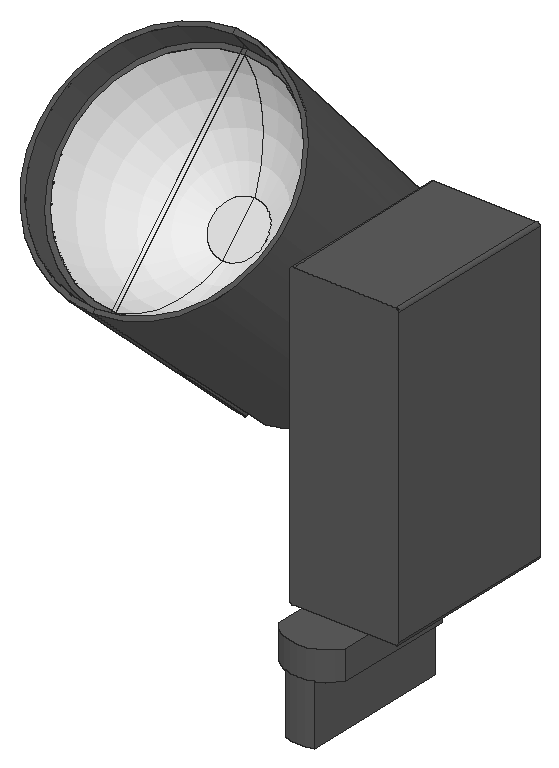
Revit family "0004954 Feilo Sylvania Lighting Fixture START TRACK SPOT L DALI 4824LM 940 WB BLK", category Lighting Fixtures, host Face, Revit 2017 (continued)
Definition of nested family "Start Track Spot Head"
  Types (96, lengths in mm): name | Wattage | built-in parameter 1150134 | Photometric Web File | Model | built-in parameter 1150105 | Lumens | built-in parameter 1150107 | built-in parameter 1150106 | HeadThickness_FEILO | HeadRibOffset_FEILO | HeadRibDepth_FEILO | HeadRibCutWidth_FEILO | HeadRibCutOffset_FEILO | HeadReflectorRadius_FEILO | HeadReflectorOffset_FEILO | HeadLEDRadius_FEILO | HeadHeight_FEILO | HeadDiffusorOffset_FEILO | HeadDiaOut_FEILO | HeadDiaIn_FEILO | HeadAxisFromTop_FEILO | Emit from Circle Diameter | built-in parameter 1150104 | Description | Apparent Load
    0004864 START TRACK SPOT S 24W 3K RA90 WB WHITE | 24 W | (empty or 0) | "0004864.ies" | "START TRACK SPOT S 24W 3K RA90 WB WHITE" | 152.79 (stored number, unit not read) | 1920 lm | 3000 (stored number, unit not read) | 1.5279 (stored number, unit not read) | 1.5 | 4.179 | 55.714 | 7.167 | 50.87 | 50.588 | 55.714 | 9.556 | 117 | 9.435 | 86 | 77.477 | 69.354 | 77.477 | 7.4322 (stored number, unit not read) | "Integrated LED spotlight, Textured White - RAL9016, compact and minimalist design, ideal for retail applications, die-cast aluminium body, passive cooling heatsink. Beam angle: 64°, color temperature: 3000K , total system power: 24W, total fixture output: 1928 lm, LOR: 100%, colour rendering: Ra: 90 typical, LED Chromaticity: 3 step MacAdam ellipse, lifetime: >50000 hours at L70B50, energy class: A++, A+, A, IR/UV free light source without heat radiation, operating voltage: 220-240V / 50-60Hz, drive current: 600mA, electronic driver, non-dimmable, power factor: 0.95, electrical protection: Class II, Global Track 3 Phase adapter suitable for Global trac 3-circuit tracks, ingress protection rating: IP20, suitable for internal environment only, horizontal rotation: 355°, vertical tilt: 90°, dimensions: Ø86x140x200, weight: 0.966kg." | 24 VA
    0004863 START TRACK SPOT S 24W 3K RA90 MB WHITE | 24 W | (empty or 0) | "0004863.ies" | "START TRACK SPOT S 24W 3K RA90 MB WHITE" | 154.7 (stored number, unit not read) | 1944 lm | 3000 (stored number, unit not read) | 1.547 (stored number, unit not read) | 1.5 | 4.179 | 55.714 | 7.167 | 50.87 | 50.588 | 55.714 | 9.556 | 117 | 9.435 | 86 | 77.477 | 69.354 | 77.477 | 7.5251 (stored number, unit not read) | "Integrated LED spotlight, Textured White - RAL9016, compact and minimalist design, ideal for retail applications, die-cast aluminium body, passive cooling heatsink. Beam angle: 36°, color temperature: 3000K , total system power: 24W, total fixture output: 1944 lm, LOR: 100%, colour rendering: Ra: 90 typical, LED Chromaticity: 3 step MacAdam ellipse, lifetime: >50000 hours at L70B50, energy class: A++, A+, A, IR/UV free light source without heat radiation, operating voltage: 220-240V / 50-60Hz, drive current: 600mA, electronic driver, non-dimmable, power factor: 0.95, electrical protection: Class II, Global Track 3 Phase adapter suitable for Global trac 3-circuit tracks, ingress protection rating: IP20, suitable for internal environment only, horizontal rotation: 355°, vertical tilt: 90°, dimensions: Ø86x140x200, weight: 0.966kg." | 24 VA
    0004862 START TRACK SPOT S 24W 3K RA90 NB WHITE | 24 W | (empty or 0) | "0004862.ies" | "START TRACK SPOT S 24W 3K RA90 NB WHITE" | 158.52 (stored number, unit not read) | 1992 lm | 3000 (stored number, unit not read) | 1.5852 (stored number, unit not read) | 1.5 | 4.179 | 55.714 | 7.167 | 50.87 | 50.588 | 55.714 | 9.556 | 117 | 9.435 | 86 | 77.477 | 69.354 | 77.477 | 7.711 (stored number, unit not read) | "Integrated LED spotlight, Textured White - RAL9016, compact and minimalist design, ideal for retail applications, die-cast aluminium body, passive cooling heatsink. Beam angle: 12°, color temperature: 3000K , total system power: 24W, total fixture output: 1987 lm, LOR: 100%, colour rendering: Ra: 90 typical, LED Chromaticity: 3 step MacAdam ellipse, lifetime: >50000 hours at L70B50, energy class: A++, A+, A, IR/UV free light source without heat radiation, operating voltage: 220-240V / 50-60Hz, drive current: 600mA, electronic driver, non-dimmable, power factor: 0.95, electrical protection: Class II, Global Track 3 Phase adapter suitable for Global trac 3-circuit tracks, ingress protection rating: IP20, suitable for internal environment only, horizontal rotation: 355°, vertical tilt: 90°, dimensions: Ø86x140x200, weight: 0.966kg." | 24 VA
    0004861 START TRACK SPOT S 14W 3K RA90 WB WHITE | 14 W | (empty or 0) | "0004861.ies" | "START TRACK SPOT S 14W 3K RA90 WB WHITE" | 100.27 (stored number, unit not read) | 1260 lm | 3000 (stored number, unit not read) | 1.0027 (stored number, unit not read) | 1.5 | 4.179 | 55.714 | 7.167 | 50.87 | 50.588 | 55.714 | 9.556 | 117 | 9.435 | 86 | 77.477 | 69.354 | 77.477 | 8.3613 (stored number, unit not read) | "Integrated LED spotlight, Textured White - RAL9016, compact and minimalist design, ideal for retail applications, die-cast aluminium body, passive cooling heatsink. Beam angle: 64°, color temperature: 3000K , total system power: 14W, total fixture output: 1262 lm, LOR: 100%, colour rendering: Ra: 90 typical, LED Chromaticity: 3 step MacAdam ellipse, lifetime: >50000 hours at L70B50, energy class: A++, A+, A, IR/UV free light source without heat radiation, operating voltage: 220-240V / 50-60Hz, drive current: 350mA, electronic driver, non-dimmable, power factor: 0.92, electrical protection: Class II, Global Track 3 Phase adapter suitable for Global trac 3-circuit tracks, ingress protection rating: IP20, suitable for internal environment only, horizontal rotation: 355°, vertical tilt: 90°, dimensions: Ø86x140x200, weight: 0.940kg." | 14 VA
    0004860 START TRACK SPOT S 14W 3K RA90 MB WHITE | 14 W | (empty or 0) | "0004860.ies" | "START TRACK SPOT S 14W 3K RA90 MB WHITE" | 100.27 (stored number, unit not read) | 1260 lm | 3000 (stored number, unit not read) | 1.0027 (stored number, unit not read) | 1.5 | 4.179 | 55.714 | 7.167 | 50.87 | 50.588 | 55.714 | 9.556 | 117 | 9.435 | 86 | 77.477 | 69.354 | 77.477 | 8.3613 (stored number, unit not read) | "Integrated LED spotlight, Textured White - RAL9016, compact and minimalist design, ideal for retail applications, die-cast aluminium body, passive cooling heatsink. Beam angle: 36°, color temperature: 3000K , total system power: 14W, total fixture output: 1262 lm, LOR: 100%, colour rendering: Ra: 90 typical, LED Chromaticity: 3 step MacAdam ellipse, lifetime: >50000 hours at L70B50, energy class: A++, A+, A, IR/UV free light source without heat radiation, operating voltage: 220-240V / 50-60Hz, drive current: 350mA, electronic driver, non-dimmable, power factor: 0.92, electrical protection: Class II, Global Track 3 Phase adapter suitable for Global trac 3-circuit tracks, ingress protection rating: IP20, suitable for internal environment only, horizontal rotation: 355°, vertical tilt: 90°, dimensions: Ø86x140x200, weight: 0.940kg." | 14 VA
    0004859 START TRACK SPOT S 14W 3K RA90 NB WHITE | 14 W | (empty or 0) | "0004859.ies" | "START TRACK SPOT S 14W 3K RA90 NB WHITE" | 102.5 (stored number, unit not read) | 1288 lm | 3000 (stored number, unit not read) | 1.025 (stored number, unit not read) | 1.5 | 4.179 | 55.714 | 7.167 | 50.87 | 50.588 | 55.714 | 9.556 | 117 | 9.435 | 86 | 77.477 | 69.354 | 77.477 | 8.5471 (stored number, unit not read) | "Integrated LED spotlight, Textured White - RAL9016, compact and minimalist design, ideal for retail applications, die-cast aluminium body, passive cooling heatsink. Beam angle: 12°, color temperature: 3000K , total system power: 14W, total fixture output: 1284 lm, LOR: 100%, colour rendering: Ra: 90 typical, LED Chromaticity: 3 step MacAdam ellipse, lifetime: >50000 hours at L70B50, energy class: A++, A+, A, IR/UV free light source without heat radiation, operating voltage: 220-240V / 50-60Hz, drive current: 350mA, electronic driver, non-dimmable, power factor: 0.92, electrical protection: Class II, Global Track 3 Phase adapter suitable for Global trac 3-circuit tracks, ingress protection rating: IP20, suitable for internal environment only, horizontal rotation: 355°, vertical tilt: 90°, dimensions: Ø86x140x200, weight: 0.940kg." | 14 VA
    0004858 START TRACK SPOT L 55W 4K RA80 WB BLACK | 55 W | 12 | "0004858.ies" | "START TRACK SPOT L 55W 4K RA80 WB BLACK" | 424.55 (stored number, unit not read) | 5335 lm | 4000 (stored number, unit not read) | 4.2455 (stored number, unit not read) | 2 | 4.429 | 59.048 | 9.417 | 53.913 | 66.471 | 59.048 | 12.556 | 124 | 10 | 113 | 101.802 | 73.503 | 101.802 | 9.0116 (stored number, unit not read) | "Integrated LED spotlight, Textured Black - RAL9005, compact and minimalist design, ideal for retail applications, die-cast aluminium body, passive cooling heatsink. Beam angle: 52°, color temperature: 4000K , total system power: 55W, total fixture output: 5320 lm, LOR: 100%, colour rendering: Ra: 80 typical, LED Chromaticity: 3 step MacAdam ellipse, lifetime: >50000 hours at L70B50, energy class: A++, A+, A, IR/UV free light source without heat radiation, operating voltage: 220-240V / 50-60Hz, drive current: 1400mA, electronic driver, non-dimmable, power factor: 0.96, electrical protection: Class II, Global Track 3 Phase adapter suitable for Global trac 3-circuit tracks, ingress protection rating: IP20, suitable for internal environment only, horizontal rotation: 355°, vertical tilt: 90°, dimensions: Ø113x164x240, weight: 1.398kg." | 55 VA
    0004857 START TRACK SPOT L 55W 4K RA80 MB BLACK | 55 W | 12 | "0004857.ies" | "START TRACK SPOT L 55W 4K RA80 MB BLACK" | 428.92 (stored number, unit not read) | 5390 lm | 4000 (stored number, unit not read) | 4.2892 (stored number, unit not read) | 2 | 4.429 | 59.048 | 9.417 | 53.913 | 66.471 | 59.048 | 12.556 | 124 | 10 | 113 | 101.802 | 73.503 | 101.802 | 9.1045 (stored number, unit not read) | "Integrated LED spotlight, Textured Black - RAL9005, compact and minimalist design, ideal for retail applications, die-cast aluminium body, passive cooling heatsink. Beam angle: 38°, color temperature: 4000K , total system power: 55W, total fixture output: 5378 lm, LOR: 100%, colour rendering: Ra: 80 typical, LED Chromaticity: 3 step MacAdam ellipse, lifetime: >50000 hours at L70B50, energy class: A++, A+, A, IR/UV free light source without heat radiation, operating voltage: 220-240V / 50-60Hz, drive current: 1400mA, electronic driver, non-dimmable, power factor: 0.96, electrical protection: Class II, Global Track 3 Phase adapter suitable for Global trac 3-circuit tracks, ingress protection rating: IP20, suitable for internal environment only, horizontal rotation: 355°, vertical tilt: 90°, dimensions: Ø113x164x240, weight: 1.398kg." | 55 VA
    0004856 START TRACK SPOT L 55W 4K RA80 NB BLACK | 55 W | 12 | "0004856.ies" | "START TRACK SPOT L 55W 4K RA80 NB BLACK" | 433.3 (stored number, unit not read) | 5445 lm | 4000 (stored number, unit not read) | 4.333 (stored number, unit not read) | 2 | 4.429 | 59.048 | 9.417 | 53.913 | 66.471 | 59.048 | 12.556 | 124 | 10 | 113 | 101.802 | 73.503 | 101.802 | 9.1974 (stored number, unit not read) | "Integrated LED spotlight, Textured Black - RAL9005, compact and minimalist design, ideal for retail applications, die-cast aluminium body, passive cooling heatsink. Beam angle: 15°, color temperature: 4000K , total system power: 55W, total fixture output: 5426 lm, LOR: 100%, colour rendering: Ra: 80 typical, LED Chromaticity: 3 step MacAdam ellipse, lifetime: >50000 hours at L70B50, energy class: A++, A+, A, IR/UV free light source without heat radiation, operating voltage: 220-240V / 50-60Hz, drive current: 1400mA, electronic driver, non-dimmable, power factor: 0.96, electrical protection: Class II, Global Track 3 Phase adapter suitable for Global trac 3-circuit tracks, ingress protection rating: IP20, suitable for internal environment only, horizontal rotation: 355°, vertical tilt: 90°, dimensions: Ø113x164x240, weight: 1.398kg." | 55 VA
    0004855 START TRACK SPOT L 35W 4K RA80 WB BLACK | 35 W | 12 | "0004855.ies" | "START TRACK SPOT L 35W 4K RA80 WB BLACK" | 320.3 (stored number, unit not read) | 4025 lm | 4000 (stored number, unit not read) | 3.203 (stored number, unit not read) | 2 | 4.429 | 59.048 | 9.417 | 53.913 | 66.471 | 59.048 | 12.556 | 124 | 10 | 113 | 101.802 | 73.503 | 101.802 | 10.684 (stored number, unit not read) | "Integrated LED spotlight, Textured Black - RAL9005, compact and minimalist design, ideal for retail applications, die-cast aluminium body, passive cooling heatsink. Beam angle: 52°, color temperature: 4000K , total system power: 35W, total fixture output: 4010 lm, LOR: 100%, colour rendering: Ra: 80 typical, LED Chromaticity: 3 step MacAdam ellipse, lifetime: >50000 hours at L70B50, energy class: A++, A+, A, IR/UV free light source without heat radiation, operating voltage: 220-240V / 50-60Hz, drive current: 900mA, electronic driver, non-dimmable, power factor: 0.93, electrical protection: Class II, Global Track 3 Phase adapter suitable for Global trac 3-circuit tracks, ingress protection rating: IP20, suitable for internal environment only, horizontal rotation: 355°, vertical tilt: 90°, dimensions: Ø113x164x240, weight: 1.368kg." | 35 VA
    0004854 START TRACK SPOT L 35W 4K RA80 MB BLACK | 35 W | 12 | "0004854.ies" | "START TRACK SPOT L 35W 4K RA80 MB BLACK" | 320.3 (stored number, unit not read) | 4025 lm | 4000 (stored number, unit not read) | 3.203 (stored number, unit not read) | 2 | 4.429 | 59.048 | 9.417 | 53.913 | 66.471 | 59.048 | 12.556 | 124 | 10 | 113 | 101.802 | 73.503 | 101.802 | 10.684 (stored number, unit not read) | "Integrated LED spotlight, Textured Black - RAL9005, compact and minimalist design, ideal for retail applications, die-cast aluminium body, passive cooling heatsink. Beam angle: 38°, color temperature: 4000K , total system power: 35W, total fixture output: 4017 lm, LOR: 100%, colour rendering: Ra: 80 typical, LED Chromaticity: 3 step MacAdam ellipse, lifetime: >50000 hours at L70B50, energy class: A++, A+, A, IR/UV free light source without heat radiation, operating voltage: 220-240V / 50-60Hz, drive current: 900mA, electronic driver, non-dimmable, power factor: 0.93, electrical protection: Class II, Global Track 3 Phase adapter suitable for Global trac 3-circuit tracks, ingress protection rating: IP20, suitable for internal environment only, horizontal rotation: 355°, vertical tilt: 90°, dimensions: Ø113x164x240, weight: 1.368kg." | 35 VA
    0004853 START TRACK SPOT L 35W 4K RA80 NB BLACK | 35 W | 12 | "0004853.ies" | "START TRACK SPOT L 35W 4K RA80 NB BLACK" | 331.44 (stored number, unit not read) | 4165 lm | 4000 (stored number, unit not read) | 3.3144 (stored number, unit not read) | 2 | 4.429 | 59.048 | 9.417 | 53.913 | 66.471 | 59.048 | 12.556 | 124 | 10 | 113 | 101.802 | 73.503 | 101.802 | 11.055 (stored number, unit not read) | "Integrated LED spotlight, Textured Black - RAL9005, compact and minimalist design, ideal for retail applications, die-cast aluminium body, passive cooling heatsink. Beam angle: 15°, color temperature: 4000K , total system power: 35W, total fixture output: 4174 lm, LOR: 100%, colour rendering: Ra: 80 typical, LED Chromaticity: 3 step MacAdam ellipse, lifetime: >50000 hours at L70B50, energy class: A++, A+, A, IR/UV free light source without heat radiation, operating voltage: 220-240V / 50-60Hz, drive current: 900mA, electronic driver, non-dimmable, power factor: 0.93, electrical protection: Class II, Global Track 3 Phase adapter suitable for Global trac 3-circuit tracks, ingress protection rating: IP20, suitable for internal environment only, horizontal rotation: 355°, vertical tilt: 90°, dimensions: Ø113x164x240, weight: 1.368kg." | 35 VA
    0004852 START TRACK SPOT S 24W 4K RA80 WB BLACK | 24 W | 12 | "0004852.ies" | "START TRACK SPOT S 24W 4K RA80 WB BLACK" | 196.72 (stored number, unit not read) | 2472 lm | 4000 (stored number, unit not read) | 1.9672 (stored number, unit not read) | 1.5 | 4.179 | 55.714 | 7.167 | 50.87 | 50.588 | 55.714 | 9.556 | 117 | 9.435 | 86 | 77.477 | 69.354 | 77.477 | 9.569 (stored number, unit not read) | "Integrated LED spotlight, Textured Black - RAL9005, compact and minimalist design, ideal for retail applications, die-cast aluminium body, passive cooling heatsink. Beam angle: 64°, color temperature: 4000K , total system power: 24W, total fixture output: 2476 lm, LOR: 100%, colour rendering: Ra: 80 typical, LED Chromaticity: 3 step MacAdam ellipse, lifetime: >50000 hours at L70B50, energy class: A++, A+, A, IR/UV free light source without heat radiation, operating voltage: 220-240V / 50-60Hz, drive current: 600mA, electronic driver, non-dimmable, power factor: 0.95, electrical protection: Class II, Global Track 3 Phase adapter suitable for Global trac 3-circuit tracks, ingress protection rating: IP20, suitable for internal environment only, horizontal rotation: 355°, vertical tilt: 90°, dimensions: Ø86x140x200, weight: 0.966kg." | 24 VA
    0004851 START TRACK SPOT S 24W 4K RA80 MB BLACK | 24 W | 12 | "0004851.ies" | "START TRACK SPOT S 24W 4K RA80 MB BLACK" | 198.63 (stored number, unit not read) | 2496 lm | 4000 (stored number, unit not read) | 1.9863 (stored number, unit not read) | 1.5 | 4.179 | 55.714 | 7.167 | 50.87 | 50.588 | 55.714 | 9.556 | 117 | 9.435 | 86 | 77.477 | 69.354 | 77.477 | 9.6619 (stored number, unit not read) | "Integrated LED spotlight, Textured Black - RAL9005, compact and minimalist design, ideal for retail applications, die-cast aluminium body, passive cooling heatsink. Beam angle: 36°, color temperature: 4000K , total system power: 24W, total fixture output: 2487 lm, LOR: 100%, colour rendering: Ra: 80 typical, LED Chromaticity: 3 step MacAdam ellipse, lifetime: >50000 hours at L70B50, energy class: A++, A+, A, IR/UV free light source without heat radiation, operating voltage: 220-240V / 50-60Hz, drive current: 600mA, electronic driver, non-dimmable, power factor: 0.95, electrical protection: Class II, Global Track 3 Phase adapter suitable for Global trac 3-circuit tracks, ingress protection rating: IP20, suitable for internal environment only, horizontal rotation: 355°, vertical tilt: 90°, dimensions: Ø86x140x200, weight: 0.966kg." | 24 VA
    0004850 START TRACK SPOT S 24W 4K RA80 NB BLACK | 24 W | 12 | "0004850.ies" | "START TRACK SPOT S 24W 4K RA80 NB BLACK" | 200.54 (stored number, unit not read) | 2520 lm | 4000 (stored number, unit not read) | 2.0054 (stored number, unit not read) | 1.5 | 4.179 | 55.714 | 7.167 | 50.87 | 50.588 | 55.714 | 9.556 | 117 | 9.435 | 86 | 77.477 | 69.354 | 77.477 | 9.7548 (stored number, unit not read) | "Integrated LED spotlight, Textured Black - RAL9005, compact and minimalist design, ideal for retail applications, die-cast aluminium body, passive cooling heatsink. Beam angle: 12°, color temperature: 4000K , total system power: 24W, total fixture output: 2529 lm, LOR: 100%, colour rendering: Ra: 80 typical, LED Chromaticity: 3 step MacAdam ellipse, lifetime: >50000 hours at L70B50, energy class: A++, A+, A, IR/UV free light source without heat radiation, operating voltage: 220-240V / 50-60Hz, drive current: 600mA, electronic driver, non-dimmable, power factor: 0.95, electrical protection: Class II, Global Track 3 Phase adapter suitable for Global trac 3-circuit tracks, ingress protection rating: IP20, suitable for internal environment only, horizontal rotation: 355°, vertical tilt: 90°, dimensions: Ø86x140x200, weight: 0.966kg." | 24 VA
    0004849 START TRACK SPOT S 14W 4K RA80 WB BLACK | 14 W | 12 | "0004849.ies" | "START TRACK SPOT S 14W 4K RA80 WB BLACK" | 123.66 (stored number, unit not read) | 1554 lm | 4000 (stored number, unit not read) | 1.2366 (stored number, unit not read) | 1.5 | 4.179 | 55.714 | 7.167 | 50.87 | 50.588 | 55.714 | 9.556 | 117 | 9.435 | 86 | 77.477 | 69.354 | 77.477 | 10.312 (stored number, unit not read) | "Integrated LED spotlight, Textured Black - RAL9005, compact and minimalist design, ideal for retail applications, die-cast aluminium body, passive cooling heatsink. Beam angle: 64°, color temperature: 4000K , total system power: 14W, total fixture output: 1558 lm, LOR: 100%, colour rendering: Ra: 80 typical, LED Chromaticity: 3 step MacAdam ellipse, lifetime: >50000 hours at L70B50, energy class: A++, A+, A, IR/UV free light source without heat radiation, operating voltage: 220-240V / 50-60Hz, drive current: 350mA, electronic driver, non-dimmable, power factor: 0.92, electrical protection: Class II, Global Track 3 Phase adapter suitable for Global trac 3-circuit tracks, ingress protection rating: IP20, suitable for internal environment only, horizontal rotation: 355°, vertical tilt: 90°, dimensions: Ø86x140x200, weight: 0.940kg." | 14 VA
    0004848 START TRACK SPOT S 14W 4K RA80 MB BLACK | 14 W | 12 | "0004848.ies" | "START TRACK SPOT S 14W 4K RA80 MB BLACK" | 127.01 (stored number, unit not read) | 1596 lm | 4000 (stored number, unit not read) | 1.2701 (stored number, unit not read) | 1.5 | 4.179 | 55.714 | 7.167 | 50.87 | 50.588 | 55.714 | 9.556 | 117 | 9.435 | 86 | 77.477 | 69.354 | 77.477 | 10.591 (stored number, unit not read) | "Integrated LED spotlight, Textured Black - RAL9005, compact and minimalist design, ideal for retail applications, die-cast aluminium body, passive cooling heatsink. Beam angle: 36°, color temperature: 4000K , total system power: 14W, total fixture output: 1598 lm, LOR: 100%, colour rendering: Ra: 80 typical, LED Chromaticity: 3 step MacAdam ellipse, lifetime: >50000 hours at L70B50, energy class: A++, A+, A, IR/UV free light source without heat radiation, operating voltage: 220-240V / 50-60Hz, drive current: 350mA, electronic driver, non-dimmable, power factor: 0.92, electrical protection: Class II, Global Track 3 Phase adapter suitable for Global trac 3-circuit tracks, ingress protection rating: IP20, suitable for internal environment only, horizontal rotation: 355°, vertical tilt: 90°, dimensions: Ø86x140x200, weight: 0.940kg." | 14 VA
    0004847 START TRACK SPOT S 14W 4K RA80 NB BLACK | 14 W | 12 | "0004847.ies" | "START TRACK SPOT S 14W 4K RA80 NB BLACK" | 128.12 (stored number, unit not read) | 1610 lm | 4000 (stored number, unit not read) | 1.2812 (stored number, unit not read) | 1.5 | 4.179 | 55.714 | 7.167 | 50.87 | 50.588 | 55.714 | 9.556 | 117 | 9.435 | 86 | 77.477 | 69.354 | 77.477 | 10.684 (stored number, unit not read) | "Integrated LED spotlight, Textured Black - RAL9005, compact and minimalist design, ideal for retail applications, die-cast aluminium body, passive cooling heatsink. Beam angle: 12°, color temperature: 4000K , total system power: 14W, total fixture output: 1608 lm, LOR: 100%, colour rendering: Ra: 80 typical, LED Chromaticity: 3 step MacAdam ellipse, lifetime: >50000 hours at L70B50, energy class: A++, A+, A, IR/UV free light source without heat radiation, operating voltage: 220-240V / 50-60Hz, drive current: 350mA, electronic driver, non-dimmable, power factor: 0.92, electrical protection: Class II, Global Track 3 Phase adapter suitable for Global trac 3-circuit tracks, ingress protection rating: IP20, suitable for internal environment only, horizontal rotation: 355°, vertical tilt: 90°, dimensions: Ø86x140x200, weight: 0.940kg." | 14 VA
    0004846 START TRACK SPOT L 55W 3K RA80 WB BLACK | 55 W | (empty or 0) | "0004846.ies" | "START TRACK SPOT L 55W 3K RA80 WB BLACK" | 420.17 (stored number, unit not read) | 5280 lm | 3000 (stored number, unit not read) | 4.2017 (stored number, unit not read) | 2 | 4.429 | 59.048 | 9.417 | 53.913 | 66.471 | 59.048 | 12.556 | 124 | 10 | 113 | 101.802 | 73.503 | 101.802 | 8.9187 (stored number, unit not read) | "Integrated LED spotlight, Textured Black - RAL9005, compact and minimalist design, ideal for retail applications, die-cast aluminium body, passive cooling heatsink. Beam angle: 52°, color temperature: 3000K , total system power: 55W, total fixture output: 5298 lm, LOR: 100%, colour rendering: Ra: 80 typical, LED Chromaticity: 3 step MacAdam ellipse, lifetime: >50000 hours at L70B50, energy class: A++, A+, A, IR/UV free light source without heat radiation, operating voltage: 220-240V / 50-60Hz, drive current: 1400mA, electronic driver, non-dimmable, power factor: 0.96, electrical protection: Class II, Global Track 3 Phase adapter suitable for Global trac 3-circuit tracks, ingress protection rating: IP20, suitable for internal environment only, horizontal rotation: 355°, vertical tilt: 90°, dimensions: Ø113x164x240, weight: 1.398kg." | 55 VA
    0004845 START TRACK SPOT L 55W 3K RA80 MB BLACK | 55 W | (empty or 0) | "0004845.ies" | "START TRACK SPOT L 55W 3K RA80 MB BLACK" | 428.92 (stored number, unit not read) | 5390 lm | 3000 (stored number, unit not read) | 4.2892 (stored number, unit not read) | 2 | 4.429 | 59.048 | 9.417 | 53.913 | 66.471 | 59.048 | 12.556 | 124 | 10 | 113 | 101.802 | 73.503 | 101.802 | 9.1045 (stored number, unit not read) | "Integrated LED spotlight, Textured Black - RAL9005, compact and minimalist design, ideal for retail applications, die-cast aluminium body, passive cooling heatsink. Beam angle: 38°, color temperature: 3000K , total system power: 55W, total fixture output: 5381 lm, LOR: 100%, colour rendering: Ra: 80 typical, LED Chromaticity: 3 step MacAdam ellipse, lifetime: >50000 hours at L70B50, energy class: A++, A+, A, IR/UV free light source without heat radiation, operating voltage: 220-240V / 50-60Hz, drive current: 1400mA, electronic driver, non-dimmable, power factor: 0.96, electrical protection: Class II, Global Track 3 Phase adapter suitable for Global trac 3-circuit tracks, ingress protection rating: IP20, suitable for internal environment only, horizontal rotation: 355°, vertical tilt: 90°, dimensions: Ø113x164x240, weight: 1.398kg." | 55 VA
    0004844 START TRACK SPOT L 55W 3K RA80 NB BLACK | 55 W | (empty or 0) | "0004844.ies" | "START TRACK SPOT L 55W 3K RA80 NB BLACK" | 433.3 (stored number, unit not read) | 5445 lm | 3000 (stored number, unit not read) | 4.333 (stored number, unit not read) | 2 | 4.429 | 59.048 | 9.417 | 53.913 | 66.471 | 59.048 | 12.556 | 124 | 10 | 113 | 101.802 | 73.503 | 101.802 | 9.1974 (stored number, unit not read) | "Integrated LED spotlight, Textured Black - RAL9005, compact and minimalist design, ideal for retail applications, die-cast aluminium body, passive cooling heatsink. Beam angle: 15°, color temperature: 3000K , total system power: 55W, total fixture output: 5449 lm, LOR: 100%, colour rendering: Ra: 80 typical, LED Chromaticity: 3 step MacAdam ellipse, lifetime: >50000 hours at L70B50, energy class: A++, A+, A, IR/UV free light source without heat radiation, operating voltage: 220-240V / 50-60Hz, drive current: 1400mA, electronic driver, non-dimmable, power factor: 0.96, electrical protection: Class II, Global Track 3 Phase adapter suitable for Global trac 3-circuit tracks, ingress protection rating: IP20, suitable for internal environment only, horizontal rotation: 355°, vertical tilt: 90°, dimensions: Ø113x164x240, weight: 1.398kg." | 55 VA
    0004843 START TRACK SPOT L 35W 3K RA80 WB BLACK | 35 W | (empty or 0) | "0004843.ies" | "START TRACK SPOT L 35W 3K RA80 WB BLACK" | 314.73 (stored number, unit not read) | 3955 lm | 3000 (stored number, unit not read) | 3.1473 (stored number, unit not read) | 2 | 4.429 | 59.048 | 9.417 | 53.913 | 66.471 | 59.048 | 12.556 | 124 | 10 | 113 | 101.802 | 73.503 | 101.802 | 10.498 (stored number, unit not read) | "Integrated LED spotlight, Textured Black - RAL9005, compact and minimalist design, ideal for retail applications, die-cast aluminium body, passive cooling heatsink. Beam angle: 52°, color temperature: 3000K , total system power: 35W, total fixture output: 3943 lm, LOR: 100%, colour rendering: Ra: 80 typical, LED Chromaticity: 3 step MacAdam ellipse, lifetime: >50000 hours at L70B50, energy class: A++, A+, A, IR/UV free light source without heat radiation, operating voltage: 220-240V / 50-60Hz, drive current: 900mA, electronic driver, non-dimmable, power factor: 0.93, electrical protection: Class II, Global Track 3 Phase adapter suitable for Global trac 3-circuit tracks, ingress protection rating: IP20, suitable for internal environment only, horizontal rotation: 355°, vertical tilt: 90°, dimensions: Ø113x164x240, weight: 1.368kg." | 35 VA
    0004842 START TRACK SPOT L 35W 3K RA80 MB BLACK | 35 W | (empty or 0) | "0004842.ies" | "START TRACK SPOT L 35W 3K RA80 MB BLACK" | 320.3 (stored number, unit not read) | 4025 lm | 3000 (stored number, unit not read) | 3.203 (stored number, unit not read) | 2 | 4.429 | 59.048 | 9.417 | 53.913 | 66.471 | 59.048 | 12.556 | 124 | 10 | 113 | 101.802 | 73.503 | 101.802 | 10.684 (stored number, unit not read) | "Integrated LED spotlight, Textured Black - RAL9005, compact and minimalist design, ideal for retail applications, die-cast aluminium body, passive cooling heatsink. Beam angle: 38°, color temperature: 3000K , total system power: 35W, total fixture output: 4008 lm, LOR: 100%, colour rendering: Ra: 80 typical, LED Chromaticity: 3 step MacAdam ellipse, lifetime: >50000 hours at L70B50, energy class: A++, A+, A, IR/UV free light source without heat radiation, operating voltage: 220-240V / 50-60Hz, drive current: 900mA, electronic driver, non-dimmable, power factor: 0.93, electrical protection: Class II, Global Track 3 Phase adapter suitable for Global trac 3-circuit tracks, ingress protection rating: IP20, suitable for internal environment only, horizontal rotation: 355°, vertical tilt: 90°, dimensions: Ø113x164x240, weight: 1.368kg." | 35 VA
    0004841 START TRACK SPOT L 35W 3K RA80 NB BLACK | 35 W | (empty or 0) | "0004841.ies" | "START TRACK SPOT L 35W 3K RA80 NB BLACK" | 317.51 (stored number, unit not read) | 3990 lm | 3000 (stored number, unit not read) | 3.1751 (stored number, unit not read) | 2 | 4.429 | 59.048 | 9.417 | 53.913 | 66.471 | 59.048 | 12.556 | 124 | 10 | 113 | 101.802 | 73.503 | 101.802 | 10.591 (stored number, unit not read) | "Integrated LED spotlight, Textured Black - RAL9005, compact and minimalist design, ideal for retail applications, die-cast aluminium body, passive cooling heatsink. Beam angle: 15°, color temperature: 3000K , total system power: 35W, total fixture output: 4005 lm, LOR: 100%, colour rendering: Ra: 80 typical, LED Chromaticity: 3 step MacAdam ellipse, lifetime: >50000 hours at L70B50, energy class: A++, A+, A, IR/UV free light source without heat radiation, operating voltage: 220-240V / 50-60Hz, drive current: 900mA, electronic driver, non-dimmable, power factor: 0.93, electrical protection: Class II, Global Track 3 Phase adapter suitable for Global trac 3-circuit tracks, ingress protection rating: IP20, suitable for internal environment only, horizontal rotation: 355°, vertical tilt: 90°, dimensions: Ø113x164x240, weight: 1.368kg." | 35 VA
    0004840 START TRACK SPOT S 24W 3K RA80 WB BLACK | 24 W | (empty or 0) | "0004840.ies" | "START TRACK SPOT S 24W 3K RA80 WB BLACK" | 185.26 (stored number, unit not read) | 2328 lm | 3000 (stored number, unit not read) | 1.8526 (stored number, unit not read) | 1.5 | 4.179 | 55.714 | 7.167 | 50.87 | 50.588 | 55.714 | 9.556 | 117 | 9.435 | 86 | 77.477 | 69.354 | 77.477 | 9.0116 (stored number, unit not read) | "Integrated LED spotlight, Textured Black - RAL9005, compact and minimalist design, ideal for retail applications, die-cast aluminium body, passive cooling heatsink. Beam angle: 64°, color temperature: 3000K , total system power: 24W, total fixture output: 2318 lm, LOR: 100%, colour rendering: Ra: 80 typical, LED Chromaticity: 3 step MacAdam ellipse, lifetime: >50000 hours at L70B50, energy class: A++, A+, A, IR/UV free light source without heat radiation, operating voltage: 220-240V / 50-60Hz, drive current: 600mA, electronic driver, non-dimmable, power factor: 0.95, electrical protection: Class II, Global Track 3 Phase adapter suitable for Global trac 3-circuit tracks, ingress protection rating: IP20, suitable for internal environment only, horizontal rotation: 355°, vertical tilt: 90°, dimensions: Ø86x140x200, weight: 0.966kg." | 24 VA
    0004839 START TRACK SPOT S 24W 3K RA80 MB BLACK | 24 W | (empty or 0) | "0004839.ies" | "START TRACK SPOT S 24W 3K RA80 MB BLACK" | 183.35 (stored number, unit not read) | 2304 lm | 3000 (stored number, unit not read) | 1.8335 (stored number, unit not read) | 1.5 | 4.179 | 55.714 | 7.167 | 50.87 | 50.588 | 55.714 | 9.556 | 117 | 9.435 | 86 | 77.477 | 69.354 | 77.477 | 8.9187 (stored number, unit not read) | "Integrated LED spotlight, Textured Black - RAL9005, compact and minimalist design, ideal for retail applications, die-cast aluminium body, passive cooling heatsink. Beam angle: 36°, color temperature: 3000K , total system power: 24W, total fixture output: 2314 lm, LOR: 100%, colour rendering: Ra: 80 typical, LED Chromaticity: 3 step MacAdam ellipse, lifetime: >50000 hours at L70B50, energy class: A++, A+, A, IR/UV free light source without heat radiation, operating voltage: 220-240V / 50-60Hz, drive current: 600mA, electronic driver, non-dimmable, power factor: 0.95, electrical protection: Class II, Global Track 3 Phase adapter suitable for Global trac 3-circuit tracks, ingress protection rating: IP20, suitable for internal environment only, horizontal rotation: 355°, vertical tilt: 90°, dimensions: Ø86x140x200, weight: 0.966kg." | 24 VA
    0004838 START TRACK SPOT S 24W 3K RA80 NB BLACK | 24 W | (empty or 0) | "0004838.ies" | "START TRACK SPOT S 24W 3K RA80 NB BLACK" | 185.26 (stored number, unit not read) | 2328 lm | 3000 (stored number, unit not read) | 1.8526 (stored number, unit not read) | 1.5 | 4.179 | 55.714 | 7.167 | 50.87 | 50.588 | 55.714 | 9.556 | 117 | 9.435 | 86 | 77.477 | 69.354 | 77.477 | 9.0116 (stored number, unit not read) | "Integrated LED spotlight, Textured Black - RAL9005, compact and minimalist design, ideal for retail applications, die-cast aluminium body, passive cooling heatsink. Beam angle: 12°, color temperature: 3000K , total system power: 24W, total fixture output: 2334 lm, LOR: 100%, colour rendering: Ra: 80 typical, LED Chromaticity: 3 step MacAdam ellipse, lifetime: >50000 hours at L70B50, energy class: A++, A+, A, IR/UV free light source without heat radiation, operating voltage: 220-240V / 50-60Hz, drive current: 600mA, electronic driver, non-dimmable, power factor: 0.95, electrical protection: Class II, Global Track 3 Phase adapter suitable for Global trac 3-circuit tracks, ingress protection rating: IP20, suitable for internal environment only, horizontal rotation: 355°, vertical tilt: 90°, dimensions: Ø86x140x200, weight: 0.966kg." | 24 VA
    0004837 START TRACK SPOT S 14W 3K RA80 WB BLACK | 14 W | (empty or 0) | "0004837.ies" | "START TRACK SPOT S 14W 3K RA80 WB BLACK" | 119.21 (stored number, unit not read) | 1498 lm | 3000 (stored number, unit not read) | 1.1921 (stored number, unit not read) | 1.5 | 4.179 | 55.714 | 7.167 | 50.87 | 50.588 | 55.714 | 9.556 | 117 | 9.435 | 86 | 77.477 | 69.354 | 77.477 | 9.9406 (stored number, unit not read) | "Integrated LED spotlight, Textured Black - RAL9005, compact and minimalist design, ideal for retail applications, die-cast aluminium body, passive cooling heatsink. Beam angle: 64°, color temperature: 3000K , total system power: 14W, total fixture output: 1498 lm, LOR: 100%, colour rendering: Ra: 80 typical, LED Chromaticity: 3 step MacAdam ellipse, lifetime: >50000 hours at L70B50, energy class: A++, A+, A, IR/UV free light source without heat radiation, operating voltage: 220-240V / 50-60Hz, drive current: 350mA, electronic driver, non-dimmable, power factor: 0.92, electrical protection: Class II, Global Track 3 Phase adapter suitable for Global trac 3-circuit tracks, ingress protection rating: IP20, suitable for internal environment only, horizontal rotation: 355°, vertical tilt: 90°, dimensions: Ø86x140x200, weight: 0.940kg." | 14 VA
    0004836 START TRACK SPOT S 14W 3K RA80 MB BLACK | 14 W | (empty or 0) | "0004836.ies" | "START TRACK SPOT S 14W 3K RA80 MB BLACK" | 120.32 (stored number, unit not read) | 1512 lm | 3000 (stored number, unit not read) | 1.2032 (stored number, unit not read) | 1.5 | 4.179 | 55.714 | 7.167 | 50.87 | 50.588 | 55.714 | 9.556 | 117 | 9.435 | 86 | 77.477 | 69.354 | 77.477 | 10.034 (stored number, unit not read) | "Integrated LED spotlight, Textured Black - RAL9005, compact and minimalist design, ideal for retail applications, die-cast aluminium body, passive cooling heatsink. Beam angle: 36°, color temperature: 3000K , total system power: 14W, total fixture output: 1508 lm, LOR: 100%, colour rendering: Ra: 80 typical, LED Chromaticity: 3 step MacAdam ellipse, lifetime: >50000 hours at L70B50, energy class: A++, A+, A, IR/UV free light source without heat radiation, operating voltage: 220-240V / 50-60Hz, drive current: 350mA, electronic driver, non-dimmable, power factor: 0.92, electrical protection: Class II, Global Track 3 Phase adapter suitable for Global trac 3-circuit tracks, ingress protection rating: IP20, suitable for internal environment only, horizontal rotation: 355°, vertical tilt: 90°, dimensions: Ø86x140x200, weight: 0.940kg." | 14 VA
    0004835 START TRACK SPOT S 14W 3K RA80 NB BLACK | 14 W | (empty or 0) | "0004835.ies" | "START TRACK SPOT S 14W 3K RA80 NB BLACK" | 123.66 (stored number, unit not read) | 1554 lm | 3000 (stored number, unit not read) | 1.2366 (stored number, unit not read) | 1.5 | 4.179 | 55.714 | 7.167 | 50.87 | 50.588 | 55.714 | 9.556 | 117 | 9.435 | 86 | 77.477 | 69.354 | 77.477 | 10.312 (stored number, unit not read) | "Integrated LED spotlight, Textured Black - RAL9005, compact and minimalist design, ideal for retail applications, die-cast aluminium body, passive cooling heatsink. Beam angle: 12°, color temperature: 3000K , total system power: 14W, total fixture output: 1551 lm, LOR: 100%, colour rendering: Ra: 80 typical, LED Chromaticity: 3 step MacAdam ellipse, lifetime: >50000 hours at L70B50, energy class: A++, A+, A, IR/UV free light source without heat radiation, operating voltage: 220-240V / 50-60Hz, drive current: 350mA, electronic driver, non-dimmable, power factor: 0.92, electrical protection: Class II, Global Track 3 Phase adapter suitable for Global trac 3-circuit tracks, ingress protection rating: IP20, suitable for internal environment only, horizontal rotation: 355°, vertical tilt: 90°, dimensions: Ø86x140x200, weight: 0.940kg." | 14 VA
    0004834 START TRACK SPOT L 55W 4K RA80 WB WHITE | 55 W | 12 | "0004834.ies" | "START TRACK SPOT L 55W 4K RA80 WB WHITE" | 424.55 (stored number, unit not read) | 5335 lm | 4000 (stored number, unit not read) | 4.2455 (stored number, unit not read) | 2 | 4.429 | 59.048 | 9.417 | 53.913 | 66.471 | 59.048 | 12.556 | 124 | 10 | 113 | 101.802 | 73.503 | 101.802 | 9.0116 (stored number, unit not read) | "Integrated LED spotlight, Textured White - RAL9016, compact and minimalist design, ideal for retail applications, die-cast aluminium body, passive cooling heatsink. Beam angle: 52°, color temperature: 4000K , total system power: 55W, total fixture output: 5320 lm, LOR: 100%, colour rendering: Ra: 80 typical, LED Chromaticity: 3 step MacAdam ellipse, lifetime: >50000 hours at L70B50, energy class: A++, A+, A, IR/UV free light source without heat radiation, operating voltage: 220-240V / 50-60Hz, drive current: 1400mA, electronic driver, non-dimmable, power factor: 0.96, electrical protection: Class II, Global Track 3 Phase adapter suitable for Global trac 3-circuit tracks, ingress protection rating: IP20, suitable for internal environment only, horizontal rotation: 355°, vertical tilt: 90°, dimensions: Ø113x164x240, weight: 1.398kg." | 55 VA
    0004833 START TRACK SPOT L 55W 4K RA80 MB WHITE | 55 W | 12 | "0004833.ies" | "START TRACK SPOT L 55W 4K RA80 MB WHITE" | 428.92 (stored number, unit not read) | 5390 lm | 4000 (stored number, unit not read) | 4.2892 (stored number, unit not read) | 2 | 4.429 | 59.048 | 9.417 | 53.913 | 66.471 | 59.048 | 12.556 | 124 | 10 | 113 | 101.802 | 73.503 | 101.802 | 9.1045 (stored number, unit not read) | "Integrated LED spotlight, Textured White - RAL9016, compact and minimalist design, ideal for retail applications, die-cast aluminium body, passive cooling heatsink. Beam angle: 38°, color temperature: 4000K , total system power: 55W, total fixture output: 5378 lm, LOR: 100%, colour rendering: Ra: 80 typical, LED Chromaticity: 3 step MacAdam ellipse, lifetime: >50000 hours at L70B50, energy class: A++, A+, A, IR/UV free light source without heat radiation, operating voltage: 220-240V / 50-60Hz, drive current: 1400mA, electronic driver, non-dimmable, power factor: 0.96, electrical protection: Class II, Global Track 3 Phase adapter suitable for Global trac 3-circuit tracks, ingress protection rating: IP20, suitable for internal environment only, horizontal rotation: 355°, vertical tilt: 90°, dimensions: Ø113x164x240, weight: 1.398kg." | 55 VA
    0004832 START TRACK SPOT L 55W 4K RA80 NB WHITE | 55 W | 12 | "0004832.ies" | "START TRACK SPOT L 55W 4K RA80 NB WHITE" | 433.3 (stored number, unit not read) | 5445 lm | 4000 (stored number, unit not read) | 4.333 (stored number, unit not read) | 2 | 4.429 | 59.048 | 9.417 | 53.913 | 66.471 | 59.048 | 12.556 | 124 | 10 | 113 | 101.802 | 73.503 | 101.802 | 9.1974 (stored number, unit not read) | "Integrated LED spotlight, Textured White - RAL9016, compact and minimalist design, ideal for retail applications, die-cast aluminium body, passive cooling heatsink. Beam angle: 15°, color temperature: 4000K , total system power: 55W, total fixture output: 5426 lm, LOR: 100%, colour rendering: Ra: 80 typical, LED Chromaticity: 3 step MacAdam ellipse, lifetime: >50000 hours at L70B50, energy class: A++, A+, A, IR/UV free light source without heat radiation, operating voltage: 220-240V / 50-60Hz, drive current: 1400mA, electronic driver, non-dimmable, power factor: 0.96, electrical protection: Class II, Global Track 3 Phase adapter suitable for Global trac 3-circuit tracks, ingress protection rating: IP20, suitable for internal environment only, horizontal rotation: 355°, vertical tilt: 90°, dimensions: Ø113x164x240, weight: 1.398kg." | 55 VA
    0004831 START TRACK SPOT L 35W 4K RA80 WB WHITE | 35 W | 12 | "0004831.ies" | "START TRACK SPOT L 35W 4K RA80 WB WHITE" | 320.3 (stored number, unit not read) | 4025 lm | 4000 (stored number, unit not read) | 3.203 (stored number, unit not read) | 2 | 4.429 | 59.048 | 9.417 | 53.913 | 66.471 | 59.048 | 12.556 | 124 | 10 | 113 | 101.802 | 73.503 | 101.802 | 10.684 (stored number, unit not read) | "Integrated LED spotlight, Textured White - RAL9016, compact and minimalist design, ideal for retail applications, die-cast aluminium body, passive cooling heatsink. Beam angle: 52°, color temperature: 4000K , total system power: 35W, total fixture output: 4010 lm, LOR: 100%, colour rendering: Ra: 80 typical, LED Chromaticity: 3 step MacAdam ellipse, lifetime: >50000 hours at L70B50, energy class: A++, A+, A, IR/UV free light source without heat radiation, operating voltage: 220-240V / 50-60Hz, drive current: 900mA, electronic driver, non-dimmable, power factor: 0.93, electrical protection: Class II, Global Track 3 Phase adapter suitable for Global trac 3-circuit tracks, ingress protection rating: IP20, suitable for internal environment only, horizontal rotation: 355°, vertical tilt: 90°, dimensions: Ø113x164x240, weight: 1.368kg." | 35 VA
    0004830 START TRACK SPOT L 35W 4K RA80 MB WHITE | 35 W | 12 | "0004830.ies" | "START TRACK SPOT L 35W 4K RA80 MB WHITE" | 320.3 (stored number, unit not read) | 4025 lm | 4000 (stored number, unit not read) | 3.203 (stored number, unit not read) | 2 | 4.429 | 59.048 | 9.417 | 53.913 | 66.471 | 59.048 | 12.556 | 124 | 10 | 113 | 101.802 | 73.503 | 101.802 | 10.684 (stored number, unit not read) | "Integrated LED spotlight, Textured White - RAL9016, compact and minimalist design, ideal for retail applications, die-cast aluminium body, passive cooling heatsink. Beam angle: 38°, color temperature: 4000K , total system power: 35W, total fixture output: 4017 lm, LOR: 100%, colour rendering: Ra: 80 typical, LED Chromaticity: 3 step MacAdam ellipse, lifetime: >50000 hours at L70B50, energy class: A++, A+, A, IR/UV free light source without heat radiation, operating voltage: 220-240V / 50-60Hz, drive current: 900mA, electronic driver, non-dimmable, power factor: 0.93, electrical protection: Class II, Global Track 3 Phase adapter suitable for Global trac 3-circuit tracks, ingress protection rating: IP20, suitable for internal environment only, horizontal rotation: 355°, vertical tilt: 90°, dimensions: Ø113x164x240, weight: 1.368kg." | 35 VA
    0004829 START TRACK SPOT L 35W 4K RA80 NB WHITE | 35 W | 12 | "0004829.ies" | "START TRACK SPOT L 35W 4K RA80 NB WHITE" | 331.44 (stored number, unit not read) | 4165 lm | 4000 (stored number, unit not read) | 3.3144 (stored number, unit not read) | 2 | 4.429 | 59.048 | 9.417 | 53.913 | 66.471 | 59.048 | 12.556 | 124 | 10 | 113 | 101.802 | 73.503 | 101.802 | 11.055 (stored number, unit not read) | "Integrated LED spotlight, Textured White - RAL9016, compact and minimalist design, ideal for retail applications, die-cast aluminium body, passive cooling heatsink. Beam angle: 15°, color temperature: 4000K , total system power: 35W, total fixture output: 4174 lm, LOR: 100%, colour rendering: Ra: 80 typical, LED Chromaticity: 3 step MacAdam ellipse, lifetime: >50000 hours at L70B50, energy class: A++, A+, A, IR/UV free light source without heat radiation, operating voltage: 220-240V / 50-60Hz, drive current: 900mA, electronic driver, non-dimmable, power factor: 0.93, electrical protection: Class II, Global Track 3 Phase adapter suitable for Global trac 3-circuit tracks, ingress protection rating: IP20, suitable for internal environment only, horizontal rotation: 355°, vertical tilt: 90°, dimensions: Ø113x164x240, weight: 1.368kg." | 35 VA
    0004828 START TRACK SPOT S 24W 4K RA80 WB WHITE | 24 W | 12 | "0004828.ies" | "START TRACK SPOT S 24W 4K RA80 WB WHITE" | 196.72 (stored number, unit not read) | 2472 lm | 4000 (stored number, unit not read) | 1.9672 (stored number, unit not read) | 1.5 | 4.179 | 55.714 | 7.167 | 50.87 | 50.588 | 55.714 | 9.556 | 117 | 9.435 | 86 | 77.477 | 69.354 | 77.477 | 9.569 (stored number, unit not read) | "Integrated LED spotlight, Textured White - RAL9016, compact and minimalist design, ideal for retail applications, die-cast aluminium body, passive cooling heatsink. Beam angle: 64°, color temperature: 4000K , total system power: 24W, total fixture output: 2476 lm, LOR: 100%, colour rendering: Ra: 80 typical, LED Chromaticity: 3 step MacAdam ellipse, lifetime: >50000 hours at L70B50, energy class: A++, A+, A, IR/UV free light source without heat radiation, operating voltage: 220-240V / 50-60Hz, drive current: 600mA, electronic driver, non-dimmable, power factor: 0.95, electrical protection: Class II, Global Track 3 Phase adapter suitable for Global trac 3-circuit tracks, ingress protection rating: IP20, suitable for internal environment only, horizontal rotation: 355°, vertical tilt: 90°, dimensions: Ø86x140x200, weight: 0.966kg." | 24 VA
    0004827 START TRACK SPOT S 24W 4K RA80 MB WHITE | 24 W | 12 | "0004827.ies" | "START TRACK SPOT S 24W 4K RA80 MB WHITE" | 198.63 (stored number, unit not read) | 2496 lm | 4000 (stored number, unit not read) | 1.9863 (stored number, unit not read) | 1.5 | 4.179 | 55.714 | 7.167 | 50.87 | 50.588 | 55.714 | 9.556 | 117 | 9.435 | 86 | 77.477 | 69.354 | 77.477 | 9.6619 (stored number, unit not read) | "Integrated LED spotlight, Textured White - RAL9016, compact and minimalist design, ideal for retail applications, die-cast aluminium body, passive cooling heatsink. Beam angle: 36°, color temperature: 4000K , total system power: 24W, total fixture output: 2487 lm, LOR: 100%, colour rendering: Ra: 80 typical, LED Chromaticity: 3 step MacAdam ellipse, lifetime: >50000 hours at L70B50, energy class: A++, A+, A, IR/UV free light source without heat radiation, operating voltage: 220-240V / 50-60Hz, drive current: 600mA, electronic driver, non-dimmable, power factor: 0.95, electrical protection: Class II, Global Track 3 Phase adapter suitable for Global trac 3-circuit tracks, ingress protection rating: IP20, suitable for internal environment only, horizontal rotation: 355°, vertical tilt: 90°, dimensions: Ø86x140x200, weight: 0.966kg." | 24 VA
    0004826 START TRACK SPOT S 24W 4K RA80 NB WHITE | 24 W | 12 | "0004826.ies" | "START TRACK SPOT S 24W 4K RA80 NB WHITE" | 200.54 (stored number, unit not read) | 2520 lm | 4000 (stored number, unit not read) | 2.0054 (stored number, unit not read) | 1.5 | 4.179 | 55.714 | 7.167 | 50.87 | 50.588 | 55.714 | 9.556 | 117 | 9.435 | 86 | 77.477 | 69.354 | 77.477 | 9.7548 (stored number, unit not read) | "Integrated LED spotlight, Textured White - RAL9016, compact and minimalist design, ideal for retail applications, die-cast aluminium body, passive cooling heatsink. Beam angle: 12°, color temperature: 4000K , total system power: 24W, total fixture output: 2529 lm, LOR: 100%, colour rendering: Ra: 80 typical, LED Chromaticity: 3 step MacAdam ellipse, lifetime: >50000 hours at L70B50, energy class: A++, A+, A, IR/UV free light source without heat radiation, operating voltage: 220-240V / 50-60Hz, drive current: 600mA, electronic driver, non-dimmable, power factor: 0.95, electrical protection: Class II, Global Track 3 Phase adapter suitable for Global trac 3-circuit tracks, ingress protection rating: IP20, suitable for internal environment only, horizontal rotation: 355°, vertical tilt: 90°, dimensions: Ø86x140x200, weight: 0.966kg." | 24 VA
    0004825 START TRACK SPOT S 14W 4K RA80 WB WHITE | 14 W | 12 | "0004825.ies" | "START TRACK SPOT S 14W 4K RA80 WB WHITE" | 123.66 (stored number, unit not read) | 1554 lm | 4000 (stored number, unit not read) | 1.2366 (stored number, unit not read) | 1.5 | 4.179 | 55.714 | 7.167 | 50.87 | 50.588 | 55.714 | 9.556 | 117 | 9.435 | 86 | 77.477 | 69.354 | 77.477 | 10.312 (stored number, unit not read) | "Integrated LED spotlight, Textured White - RAL9016, compact and minimalist design, ideal for retail applications, die-cast aluminium body, passive cooling heatsink. Beam angle: 64°, color temperature: 4000K , total system power: 14W, total fixture output: 1558 lm, LOR: 100%, colour rendering: Ra: 80 typical, LED Chromaticity: 3 step MacAdam ellipse, lifetime: >50000 hours at L70B50, energy class: A++, A+, A, IR/UV free light source without heat radiation, operating voltage: 220-240V / 50-60Hz, drive current: 350mA, electronic driver, non-dimmable, power factor: 0.92, electrical protection: Class II, Global Track 3 Phase adapter suitable for Global trac 3-circuit tracks, ingress protection rating: IP20, suitable for internal environment only, horizontal rotation: 355°, vertical tilt: 90°, dimensions: Ø86x140x200, weight: 0.940kg." | 14 VA
    0004824 START TRACK SPOT S 14W 4K RA80 MB WHITE | 14 W | 12 | "0004824.ies" | "START TRACK SPOT S 14W 4K RA80 MB WHITE" | 127.01 (stored number, unit not read) | 1596 lm | 4000 (stored number, unit not read) | 1.2701 (stored number, unit not read) | 1.5 | 4.179 | 55.714 | 7.167 | 50.87 | 50.588 | 55.714 | 9.556 | 117 | 9.435 | 86 | 77.477 | 69.354 | 77.477 | 10.591 (stored number, unit not read) | "Integrated LED spotlight, Textured White - RAL9016, compact and minimalist design, ideal for retail applications, die-cast aluminium body, passive cooling heatsink. Beam angle: 36°, color temperature: 4000K , total system power: 14W, total fixture output: 1598 lm, LOR: 100%, colour rendering: Ra: 80 typical, LED Chromaticity: 3 step MacAdam ellipse, lifetime: >50000 hours at L70B50, energy class: A++, A+, A, IR/UV free light source without heat radiation, operating voltage: 220-240V / 50-60Hz, drive current: 350mA, electronic driver, non-dimmable, power factor: 0.92, electrical protection: Class II, Global Track 3 Phase adapter suitable for Global trac 3-circuit tracks, ingress protection rating: IP20, suitable for internal environment only, horizontal rotation: 355°, vertical tilt: 90°, dimensions: Ø86x140x200, weight: 0.940kg." | 14 VA
    0004823 START TRACK SPOT S 14W 4K RA80 NB WHITE | 14 W | 12 | "0004823.ies" | "START TRACK SPOT S 14W 4K RA80 NB WHITE" | 128.12 (stored number, unit not read) | 1610 lm | 4000 (stored number, unit not read) | 1.2812 (stored number, unit not read) | 1.5 | 4.179 | 55.714 | 7.167 | 50.87 | 50.588 | 55.714 | 9.556 | 117 | 9.435 | 86 | 77.477 | 69.354 | 77.477 | 10.684 (stored number, unit not read) | "Integrated LED spotlight, Textured White - RAL9016, compact and minimalist design, ideal for retail applications, die-cast aluminium body, passive cooling heatsink. Beam angle: 12°, color temperature: 4000K , total system power: 14W, total fixture output: 1608 lm, LOR: 100%, colour rendering: Ra: 80 typical, LED Chromaticity: 3 step MacAdam ellipse, lifetime: >50000 hours at L70B50, energy class: A++, A+, A, IR/UV free light source without heat radiation, operating voltage: 220-240V / 50-60Hz, drive current: 350mA, electronic driver, non-dimmable, power factor: 0.92, electrical protection: Class II, Global Track 3 Phase adapter suitable for Global trac 3-circuit tracks, ingress protection rating: IP20, suitable for internal environment only, horizontal rotation: 355°, vertical tilt: 90°, dimensions: Ø86x140x200, weight: 0.940kg." | 14 VA
    0004822 START TRACK SPOT L 55W 3K RA80 WB WHITE | 55 W | (empty or 0) | "0004822.ies" | "START TRACK SPOT L 55W 3K RA80 WB WHITE" | 420.17 (stored number, unit not read) | 5280 lm | 3000 (stored number, unit not read) | 4.2017 (stored number, unit not read) | 2 | 4.429 | 59.048 | 9.417 | 53.913 | 66.471 | 59.048 | 12.556 | 124 | 10 | 113 | 101.802 | 73.503 | 101.802 | 8.9187 (stored number, unit not read) | "Integrated LED spotlight, Textured White - RAL9016, compact and minimalist design, ideal for retail applications, die-cast aluminium body, passive cooling heatsink. Beam angle: 52°, color temperature: 3000K , total system power: 55W, total fixture output: 5298 lm, LOR: 100%, colour rendering: Ra: 80 typical, LED Chromaticity: 3 step MacAdam ellipse, lifetime: >50000 hours at L70B50, energy class: A++, A+, A, IR/UV free light source without heat radiation, operating voltage: 220-240V / 50-60Hz, drive current: 1400mA, electronic driver, non-dimmable, power factor: 0.96, electrical protection: Class II, Global Track 3 Phase adapter suitable for Global trac 3-circuit tracks, ingress protection rating: IP20, suitable for internal environment only, horizontal rotation: 355°, vertical tilt: 90°, dimensions: Ø113x164x240, weight: 1.398kg." | 55 VA
    0004821 START TRACK SPOT L 55W 3K RA80 MB WHITE | 55 W | (empty or 0) | "0004821.ies" | "START TRACK SPOT L 55W 3K RA80 MB WHITE" | 428.92 (stored number, unit not read) | 5390 lm | 3000 (stored number, unit not read) | 4.2892 (stored number, unit not read) | 2 | 4.429 | 59.048 | 9.417 | 53.913 | 66.471 | 59.048 | 12.556 | 124 | 10 | 113 | 101.802 | 73.503 | 101.802 | 9.1045 (stored number, unit not read) | "Integrated LED spotlight, Textured White - RAL9016, compact and minimalist design, ideal for retail applications, die-cast aluminium body, passive cooling heatsink. Beam angle: 38°, color temperature: 3000K , total system power: 55W, total fixture output: 5381 lm, LOR: 100%, colour rendering: Ra: 80 typical, LED Chromaticity: 3 step MacAdam ellipse, lifetime: >50000 hours at L70B50, energy class: A++, A+, A, IR/UV free light source without heat radiation, operating voltage: 220-240V / 50-60Hz, drive current: 1400mA, electronic driver, non-dimmable, power factor: 0.96, electrical protection: Class II, Global Track 3 Phase adapter suitable for Global trac 3-circuit tracks, ingress protection rating: IP20, suitable for internal environment only, horizontal rotation: 355°, vertical tilt: 90°, dimensions: Ø113x164x240, weight: 1.398kg." | 55 VA
    0004820 START TRACK SPOT L 55W 3K RA80 NB WHITE | 55 W | (empty or 0) | "0004820.ies" | "START TRACK SPOT L 55W 3K RA80 NB WHITE" | 433.3 (stored number, unit not read) | 5445 lm | 3000 (stored number, unit not read) | 4.333 (stored number, unit not read) | 2 | 4.429 | 59.048 | 9.417 | 53.913 | 66.471 | 59.048 | 12.556 | 124 | 10 | 113 | 101.802 | 73.503 | 101.802 | 9.1974 (stored number, unit not read) | "Integrated LED spotlight, Textured White - RAL9016, compact and minimalist design, ideal for retail applications, die-cast aluminium body, passive cooling heatsink. Beam angle: 15°, color temperature: 3000K , total system power: 55W, total fixture output: 5449 lm, LOR: 100%, colour rendering: Ra: 80 typical, LED Chromaticity: 3 step MacAdam ellipse, lifetime: >50000 hours at L70B50, energy class: A++, A+, A, IR/UV free light source without heat radiation, operating voltage: 220-240V / 50-60Hz, drive current: 1400mA, electronic driver, non-dimmable, power factor: 0.96, electrical protection: Class II, Global Track 3 Phase adapter suitable for Global trac 3-circuit tracks, ingress protection rating: IP20, suitable for internal environment only, horizontal rotation: 355°, vertical tilt: 90°, dimensions: Ø113x164x240, weight: 1.398kg." | 55 VA
    0004819 START TRACK SPOT L 35W 3K RA80 WB WHITE | 35 W | (empty or 0) | "0004819.ies" | "START TRACK SPOT L 35W 3K RA80 WB WHITE" | 314.73 (stored number, unit not read) | 3955 lm | 3000 (stored number, unit not read) | 3.1473 (stored number, unit not read) | 2 | 4.429 | 59.048 | 9.417 | 53.913 | 66.471 | 59.048 | 12.556 | 124 | 10 | 113 | 101.802 | 73.503 | 101.802 | 10.498 (stored number, unit not read) | "Integrated LED spotlight, Textured White - RAL9016, compact and minimalist design, ideal for retail applications, die-cast aluminium body, passive cooling heatsink. Beam angle: 52°, color temperature: 3000K , total system power: 35W, total fixture output: 3943 lm, LOR: 100%, colour rendering: Ra: 80 typical, LED Chromaticity: 3 step MacAdam ellipse, lifetime: >50000 hours at L70B50, energy class: A++, A+, A, IR/UV free light source without heat radiation, operating voltage: 220-240V / 50-60Hz, drive current: 900mA, electronic driver, non-dimmable, power factor: 0.93, electrical protection: Class II, Global Track 3 Phase adapter suitable for Global trac 3-circuit tracks, ingress protection rating: IP20, suitable for internal environment only, horizontal rotation: 355°, vertical tilt: 90°, dimensions: Ø113x164x240, weight: 1.368kg." | 35 VA
    0004818 START TRACK SPOT L 35W 3K RA80 MB WHITE | 35 W | (empty or 0) | "0004818.ies" | "START TRACK SPOT L 35W 3K RA80 MB WHITE" | 320.3 (stored number, unit not read) | 4025 lm | 3000 (stored number, unit not read) | 3.203 (stored number, unit not read) | 2 | 4.429 | 59.048 | 9.417 | 53.913 | 66.471 | 59.048 | 12.556 | 124 | 10 | 113 | 101.802 | 73.503 | 101.802 | 10.684 (stored number, unit not read) | "Integrated LED spotlight, Textured White - RAL9016, compact and minimalist design, ideal for retail applications, die-cast aluminium body, passive cooling heatsink. Beam angle: 38°, color temperature: 3000K , total system power: 35W, total fixture output: 4008 lm, LOR: 100%, colour rendering: Ra: 80 typical, LED Chromaticity: 3 step MacAdam ellipse, lifetime: >50000 hours at L70B50, energy class: A++, A+, A, IR/UV free light source without heat radiation, operating voltage: 220-240V / 50-60Hz, drive current: 900mA, electronic driver, non-dimmable, power factor: 0.93, electrical protection: Class II, Global Track 3 Phase adapter suitable for Global trac 3-circuit tracks, ingress protection rating: IP20, suitable for internal environment only, horizontal rotation: 355°, vertical tilt: 90°, dimensions: Ø113x164x240, weight: 1.368kg." | 35 VA
    0004817 START TRACK SPOT L 35W 3K RA80 NB WHITE | 35 W | (empty or 0) | "0004817.ies" | "START TRACK SPOT L 35W 3K RA80 NB WHITE" | 317.51 (stored number, unit not read) | 3990 lm | 3000 (stored number, unit not read) | 3.1751 (stored number, unit not read) | 2 | 4.429 | 59.048 | 9.417 | 53.913 | 66.471 | 59.048 | 12.556 | 124 | 10 | 113 | 101.802 | 73.503 | 101.802 | 10.591 (stored number, unit not read) | "Integrated LED spotlight, Textured White - RAL9016, compact and minimalist design, ideal for retail applications, die-cast aluminium body, passive cooling heatsink. Beam angle: 15°, color temperature: 3000K , total system power: 35W, total fixture output: 4005 lm, LOR: 100%, colour rendering: Ra: 80 typical, LED Chromaticity: 3 step MacAdam ellipse, lifetime: >50000 hours at L70B50, energy class: A++, A+, A, IR/UV free light source without heat radiation, operating voltage: 220-240V / 50-60Hz, drive current: 900mA, electronic driver, non-dimmable, power factor: 0.93, electrical protection: Class II, Global Track 3 Phase adapter suitable for Global trac 3-circuit tracks, ingress protection rating: IP20, suitable for internal environment only, horizontal rotation: 355°, vertical tilt: 90°, dimensions: Ø113x164x240, weight: 1.368kg." | 35 VA
    0004816 START TRACK SPOT S 24W 3K RA80 WB WHITE | 24 W | (empty or 0) | "0004816.ies" | "START TRACK SPOT S 24W 3K RA80 WB WHITE" | 185.26 (stored number, unit not read) | 2328 lm | 3000 (stored number, unit not read) | 1.8526 (stored number, unit not read) | 1.5 | 4.179 | 55.714 | 7.167 | 50.87 | 50.588 | 55.714 | 9.556 | 117 | 9.435 | 86 | 77.477 | 69.354 | 77.477 | 9.0116 (stored number, unit not read) | "Integrated LED spotlight, Textured White - RAL9016, compact and minimalist design, ideal for retail applications, die-cast aluminium body, passive cooling heatsink. Beam angle: 64°, color temperature: 3000K , total system power: 24W, total fixture output: 2318 lm, LOR: 100%, colour rendering: Ra: 80 typical, LED Chromaticity: 3 step MacAdam ellipse, lifetime: >50000 hours at L70B50, energy class: A++, A+, A, IR/UV free light source without heat radiation, operating voltage: 220-240V / 50-60Hz, drive current: 600mA, electronic driver, non-dimmable, power factor: 0.95, electrical protection: Class II, Global Track 3 Phase adapter suitable for Global trac 3-circuit tracks, ingress protection rating: IP20, suitable for internal environment only, horizontal rotation: 355°, vertical tilt: 90°, dimensions: Ø86x140x200, weight: 0.966kg." | 24 VA
    0004815 START TRACK SPOT S 24W 3K RA80 MB WHITE | 24 W | (empty or 0) | "0004815.ies" | "START TRACK SPOT S 24W 3K RA80 MB WHITE" | 183.35 (stored number, unit not read) | 2304 lm | 3000 (stored number, unit not read) | 1.8335 (stored number, unit not read) | 1.5 | 4.179 | 55.714 | 7.167 | 50.87 | 50.588 | 55.714 | 9.556 | 117 | 9.435 | 86 | 77.477 | 69.354 | 77.477 | 8.9187 (stored number, unit not read) | "Integrated LED spotlight, Textured White - RAL9016, compact and minimalist design, ideal for retail applications, die-cast aluminium body, passive cooling heatsink. Beam angle: 36°, color temperature: 3000K , total system power: 24W, total fixture output: 2314 lm, LOR: 100%, colour rendering: Ra: 80 typical, LED Chromaticity: 3 step MacAdam ellipse, lifetime: >50000 hours at L70B50, energy class: A++, A+, A, IR/UV free light source without heat radiation, operating voltage: 220-240V / 50-60Hz, drive current: 600mA, electronic driver, non-dimmable, power factor: 0.95, electrical protection: Class II, Global Track 3 Phase adapter suitable for Global trac 3-circuit tracks, ingress protection rating: IP20, suitable for internal environment only, horizontal rotation: 355°, vertical tilt: 90°, dimensions: Ø86x140x200, weight: 0.966kg." | 24 VA
    0004814 START TRACK SPOT S 24W 3K RA80 NB WHITE | 24 W | (empty or 0) | "0004814.ies" | "START TRACK SPOT S 24W 3K RA80 NB WHITE" | 185.26 (stored number, unit not read) | 2328 lm | 3000 (stored number, unit not read) | 1.8526 (stored number, unit not read) | 1.5 | 4.179 | 55.714 | 7.167 | 50.87 | 50.588 | 55.714 | 9.556 | 117 | 9.435 | 86 | 77.477 | 69.354 | 77.477 | 9.0116 (stored number, unit not read) | "Integrated LED spotlight, Textured White - RAL9016, compact and minimalist design, ideal for retail applications, die-cast aluminium body, passive cooling heatsink. Beam angle: 12°, color temperature: 3000K , total system power: 24W, total fixture output: 2334 lm, LOR: 100%, colour rendering: Ra: 80 typical, LED Chromaticity: 3 step MacAdam ellipse, lifetime: >50000 hours at L70B50, energy class: A++, A+, A, IR/UV free light source without heat radiation, operating voltage: 220-240V / 50-60Hz, drive current: 600mA, electronic driver, non-dimmable, power factor: 0.95, electrical protection: Class II, Global Track 3 Phase adapter suitable for Global trac 3-circuit tracks, ingress protection rating: IP20, suitable for internal environment only, horizontal rotation: 355°, vertical tilt: 90°, dimensions: Ø86x140x200, weight: 0.966kg." | 24 VA
    0004813 START TRACK SPOT S 14W 3K RA80 WB WHITE | 14 W | (empty or 0) | "0004813.ies" | "START TRACK SPOT S 14W 3K RA80 WB WHITE" | 119.21 (stored number, unit not read) | 1498 lm | 3000 (stored number, unit not read) | 1.1921 (stored number, unit not read) | 1.5 | 4.179 | 55.714 | 7.167 | 50.87 | 50.588 | 55.714 | 9.556 | 117 | 9.435 | 86 | 77.477 | 69.354 | 77.477 | 9.9406 (stored number, unit not read) | "Integrated LED spotlight, Textured White - RAL9016, compact and minimalist design, ideal for retail applications, die-cast aluminium body, passive cooling heatsink. Beam angle: 64°, color temperature: 3000K , total system power: 14W, total fixture output: 1498 lm, LOR: 100%, colour rendering: Ra: 80 typical, LED Chromaticity: 3 step MacAdam ellipse, lifetime: >50000 hours at L70B50, energy class: A++, A+, A, IR/UV free light source without heat radiation, operating voltage: 220-240V / 50-60Hz, drive current: 350mA, electronic driver, non-dimmable, power factor: 0.92, electrical protection: Class II, Global Track 3 Phase adapter suitable for Global trac 3-circuit tracks, ingress protection rating: IP20, suitable for internal environment only, horizontal rotation: 355°, vertical tilt: 90°, dimensions: Ø86x140x200, weight: 0.940kg." | 14 VA
